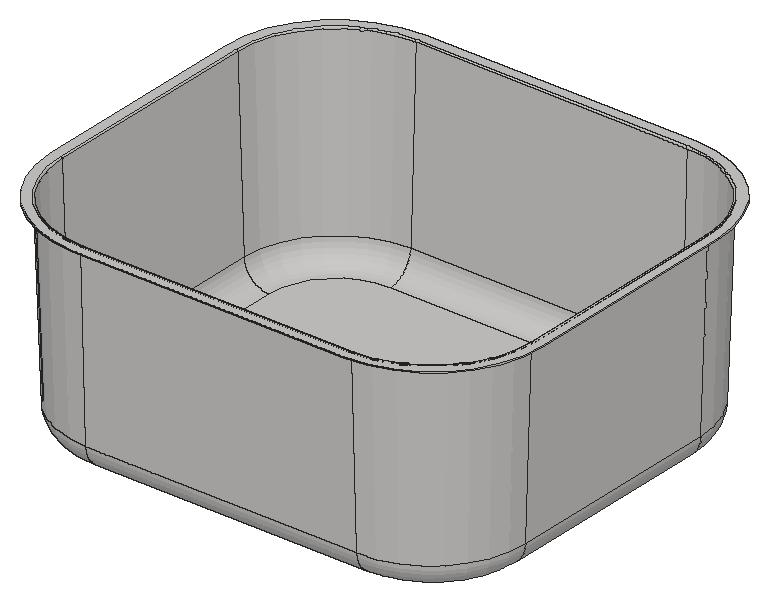
Revit family
Parameters
  Length = 472 mm  # constant formula
  Waste Connection Radius = Waste Connection Diameter / 2  # 45 mm
  Waste Connection = 1 = 1  # yes
  Vent Connection = 1 = 0  # no
  URL = "www.kwikot.com"
  Product Code = "SDI-450-SUM"
  Model = "Classique Designer Iris Series"
  Manufacturer = "Kwikot"  # constant formula
  Keynote = "22 41 16.16"
  Drain Stopper Visibility = yes
  Description = "Single Stainless Steel Undermount Sink"
  Width = 422 mm  # constant formula
  Depth = 200 mm  # constant formula
  HW Connection = 1 = 0  # no
  Family created by = "www.rbuiltcomponents.com"
  Waste Connection Diameter = 90 mm  # constant formula
  CW Connection = 1 = 0  # no
  Body Finish = Stainless_Steel-Kwikot-Satin
  Assembly Code = "D2010410"
Reference planes
  plane 1 "Bottom": z = 0
  plane 2 "Center (Left/Right)": x = 120
  plane 3 "Center (Front/Back)": y = -168
  plane 4 "Top": z = 200
  plane 5: x = 356
  plane 6: x = -116
  plane 7: x = -105
  plane 8: x = 345
  plane 9: y = 43
  plane 10: y = -379
  plane 11: y = 32
  plane 12: y = -368
  plane 13: x = 255
Forms (mm)
  Sweep 1, solid, material "Stainless_Steel-Kwikot-Satin" <- "Body Finish"
    path origin (0, 0, 200) x (-1, 0, 0) y (0, -1, 0)
      loop
        arc (10, -32) -> (77.175, -4.175) -> (105, 63) r 95
        line (105, 63) -> (105, 273)
        arc (105, 273) -> (77.175, 340.175) -> (10, 368) r 95
        line (10, 368) -> (-250, 368)
        arc (-250, 368) -> (-317.175, 340.175) -> (-345, 273) r 95
        line (-345, 273) -> (-345, 63)
        arc (-345, 63) -> (-317.175, -4.175) -> (-250, -32) r 95
        line (-250, -32) -> (10, -32)
    profile origin (120, 32, 200) x (0, 1, 0) y (0, 0, 1)
      loop
        line (-32.968, -199) -> (-32.968, -200) -> (-30.075, -200)
        arc (-30.075, -200) -> (-12.709, -192.983) -> (-5.09, -175.872) r 25
        line (-5.09, -175.872) -> (0.983, -1.965)
        arc (0.983, -1.965) -> (1.287, -1.281) -> (1.982, -1) r 1
        line (1.982, -1) -> (11, -1) -> (11, 0) -> (1.499, 0)
        arc (1.499, 0) -> (0.457, -0.421) -> (0, -1.448) r 1.5
        line (0, -1.448) -> (-6.09, -175.838)
        arc (-6.09, -175.838) -> (-13.403, -192.264) -> (-30.075, -199) r 24
        line (-30.075, -199) -> (-32.968, -199)
  Revolve 2, solid, material "Stainless_Steel-Kwikot-Satin" <- "Body Finish"
    sketch origin (135, -168, 0) x (1, 0, 0) y (0, 0, 1)
      loop
        line (75, -2.086) -> (71.405, -2.086)
        arc (71.405, -2.086) -> (70.76, -1.763) -> (70.5, -1.091) r 1
        line (70.5, -1.091) -> (70.5, 0)
        arc (70.5, 0) -> (70.207, 0.707) -> (69.5, 1) r 1
        line (69.5, 1) -> (68.5, 1) -> (68.5, 0) -> (69.5, 0) -> (69.5, -1.091)
        arc (69.5, -1.091) -> (70.039, -2.457) -> (71.366, -3.086) r 2
        line (71.366, -3.086) -> (74, -3.086) -> (74, -7) -> (75, -7) -> (75, -2.086)
      axis (120, 1) -> (120, -7)
    angle from 0 to 360
  Extrusion 3, solid, material "Stainless_Steel-Kwikot-Satin" <- "Body Finish"
    sketch origin (235, 0, 0) x (1, 0, 0) y (0, 1, 0)
      loop
        circle (20, -168) r 51.5
      loop
        arc (-307.032, -273) -> (-288.863, -316.863) -> (-245, -335.032) r 62.032
        line (-245, -335.032) -> (15, -335.032)
        arc (15, -335.032) -> (58.863, -316.863) -> (77.032, -273) r 62.032
        line (77.032, -273) -> (77.032, -63)
        arc (77.032, -63) -> (58.863, -19.137) -> (15, -0.968) r 62.032
        line (15, -0.968) -> (-245, -0.968)
        arc (-245, -0.968) -> (-288.863, -19.137) -> (-307.032, -63) r 62.032
        line (-307.032, -63) -> (-307.032, -273)
    from 1 to 0
  Revolve 4, solid, material "Stainless_Steel-Kwikot-Satin" <- "Body Finish", visible <- "Drain Stopper Visibility"
    sketch origin (135, -168, 0) x (1, 0, 0) y (0, 0, 1)
      loop
        line (120, 1.027) -> (115.956, 1.027)
        arc (115.956, 1.027) -> (114.706, -0.223) -> (115.956, -1.473) r 1.25
        line (115.956, -1.473) -> (117, -1.473) -> (117, -6.473)
        arc (117, -6.473) -> (115.828, -9.301) -> (113, -10.473) r 4
        line (113, -10.473) -> (85, -10.473)
        arc (85, -10.473) -> (81.464, -9.008) -> (80, -5.473) r 5
        line (80, -5.473) -> (80, -3.995)
        arc (80, -3.995) -> (79.962, -2.357) -> (78.55, -3.187) r 0.95
        line (78.55, -3.187) -> (78.55, -1.607)
        arc (78.55, -1.607) -> (78.257, -0.9) -> (77.55, -0.607) r 1
        line (77.55, -0.607) -> (71.55, -0.607) -> (71.55, -1.607) -> (77.55, -1.607) -> (77.55, -5.473) -> (79, -5.473)
        arc (79, -5.473) -> (80.757, -9.715) -> (85, -11.473) r 6
        line (85, -11.473) -> (120, -11.473) -> (120, 1.027)
      axis (120, 1.027) -> (120, -11.473)
    angle from 0 to 360
  Extrusion 5, void
    sketch origin (179.837, 0, 0) x (1, 0, 0) y (0, 1, 0)
      loop
        line (42.075, -166.5) -> (42.075, -169.5) -> (60.075, -169.5) -> (60.075, -166.5) -> (42.075, -166.5)
      loop
        line (108.075, -166.5) -> (90.075, -166.5) -> (90.075, -169.5) -> (108.075, -169.5) -> (108.075, -166.5)
      loop
        line (44.013, -179.243) -> (45.161, -182.014) -> (61.791, -175.126) -> (60.643, -172.354) -> (44.013, -179.243)
      loop
        line (104.989, -153.986) -> (88.359, -160.874) -> (89.507, -163.646) -> (106.137, -156.757) -> (104.989, -153.986)
      loop
        line (50.68, -190.274) -> (52.801, -192.395) -> (65.529, -179.667) -> (63.408, -177.546) -> (50.68, -190.274)
      loop
        line (97.349, -143.605) -> (84.621, -156.333) -> (86.742, -158.454) -> (99.47, -145.726) -> (97.349, -143.605)
      loop
        line (61.061, -197.914) -> (63.832, -199.062) -> (70.721, -182.432) -> (67.949, -181.284) -> (61.061, -197.914)
      loop
        line (86.318, -136.938) -> (79.43, -153.568) -> (82.201, -154.716) -> (89.09, -138.086) -> (86.318, -136.938)
      loop
        line (73.575, -201) -> (76.575, -201) -> (76.575, -183) -> (73.575, -183) -> (73.575, -201)
      loop
        line (73.575, -135) -> (73.575, -153) -> (76.575, -153) -> (76.575, -135) -> (73.575, -135)
      loop
        line (86.318, -199.062) -> (89.09, -197.914) -> (82.201, -181.284) -> (79.43, -182.432) -> (86.318, -199.062)
      loop
        line (61.061, -138.086) -> (67.949, -154.716) -> (70.721, -153.568) -> (63.832, -136.938) -> (61.061, -138.086)
      loop
        line (97.349, -192.395) -> (99.47, -190.274) -> (86.742, -177.546) -> (84.621, -179.667) -> (97.349, -192.395)
      loop
        line (50.68, -145.726) -> (63.408, -158.454) -> (65.529, -156.333) -> (52.801, -143.605) -> (50.68, -145.726)
      loop
        line (104.989, -182.014) -> (106.137, -179.243) -> (89.507, -172.354) -> (88.359, -175.126) -> (104.989, -182.014)
      loop
        line (44.013, -156.757) -> (60.643, -163.646) -> (61.791, -160.874) -> (45.161, -153.986) -> (44.013, -156.757)
    from -16.779 to 10
Cuts and joins
  Extrusion 5 cuts Revolve 4
  joined: Sweep 1, Revolve 2, Extrusion 3
Lines and regions (mm)
  Masking region 1
    outline origin (0, 0, 0) x (1, 0, 0) y (0, 1, 0)
      loop
        arc (-16, 43) -> (-86.711, 13.711) -> (-116, -57) r 100
        line (-116, -57) -> (-116, -279)
        arc (-116, -279) -> (-86.711, -349.711) -> (-16, -379) r 100
        line (-16, -379) -> (256, -379)
        arc (256, -379) -> (326.711, -349.711) -> (356, -279) r 100
        line (356, -279) -> (356, -57)
        arc (356, -57) -> (326.711, 13.711) -> (256, 43) r 100
        line (256, 43) -> (-16, 43)
  Masking region 2
    outline origin (0, -168, 0) x (1, 0, 0) y (0, 0, 1)
      loop
        line (356, 200) -> (-116, 200) -> (-116, 199) -> (-106.999, 199)
        arc (-106.999, 199) -> (-105.609, 198.439) -> (-105, 197.07) r 2
        line (-105, 197.07) -> (-101.292, 30.883)
        arc (-101.292, 30.883) -> (-91.54, 8.981) -> (-69.311, 0) r 32
        line (-69.311, 0) -> (207.734, 0) -> (211.234, -7) -> (297.77, -7) -> (301.278, 0.015) -> (308.323, 0.015)
        arc (308.323, 0.015) -> (331.182, 8.641) -> (341.292, 30.883) r 32
        line (341.292, 30.883) -> (345, 197.07)
        arc (345, 197.07) -> (345.609, 198.439) -> (346.999, 199) r 2
        line (346.999, 199) -> (356, 199) -> (356, 200)
  Masking region 3
    outline origin (120, 0, 0) x (0, 1, 0) y (0, 0, 1)
      loop
        line (43, 200) -> (-379, 200) -> (-379, 199) -> (-368.479, 199) -> (-364.703, 30.883)
        arc (-364.703, 30.883) -> (-354.952, 8.981) -> (-332.723, 0) r 32
        line (-332.723, 0) -> (-215.625, 0) -> (-212.125, -7) -> (-121.625, -7) -> (-118.125, 0) -> (-3.756, 0)
        arc (-3.756, 0) -> (18.473, 8.981) -> (28.224, 30.883) r 32
        line (28.224, 30.883) -> (32, 199) -> (43, 199) -> (43, 200)
  symbolic lines, style "Sink"
    curve 1: arc (210, -168, 0) -> (255, -123, 0) -> (300, -168, 0) r 45
    curve 2: arc (300, -168, 0) -> (255, -213, 0) -> (210, -168, 0) r 45
    curve 5: line (301.27, -168, 0) -> (207.27, -168, 0)
    curve 6: line (120, -118.125, 0) -> (120, -215.625, 0)
    curve 7: arc (-16, 32, 0) -> (-78.933, 5.933, 0) -> (-105, -57, 0) r 89
    curve 8: arc (345, -57, 0) -> (318.933, 5.933, 0) -> (256, 32, 0) r 89
    curve 9: arc (-105, -279, 0) -> (-78.933, -341.933, 0) -> (-16, -368, 0) r 89
    curve 10: arc (256, -368, 0) -> (318.933, -341.933, 0) -> (345, -279, 0) r 89
    curve 11: line (345, -57, 0) -> (345, -279, 0)
    curve 12: line (256, 32, 0) -> (-16, 32, 0)
    curve 13: line (-105, -57, 0) -> (-105, -279, 0)
    curve 14: line (-16, -368, 0) -> (256, -368, 0)
  symbolic lines, style "Sink", detail levels fine
    curve 3: arc (200, -168, 0) -> (255, -113, 0) -> (310, -168, 0) r 55
    curve 4: arc (310, -168, 0) -> (255, -223, 0) -> (200, -168, 0) r 55
Dimensions and locks
  "Depth": plane 4 "Top" to level
  equal spacing: plane 6, plane 2 "Center (Left/Right)", plane 5
  locked: plane 6 to plane 5 at 472
  equal spacing: plane 7, plane 2 "Center (Left/Right)", plane 8
  locked: plane 7 to plane 8 at 450
  equal spacing: plane 10, plane 3 "Center (Front/Back)", plane 9
  locked: plane 10 to plane 9 at 422
  equal spacing: plane 12, plane 3 "Center (Front/Back)", plane 11
  locked: plane 12 to plane 11 at 400
  locked: plane 13 to plane 8 at 90
  aligned and locked: Masking region 3 to curve 6
  aligned and locked: curve 6 to Masking region 3
  aligned and locked: plane 4 "Top" to Masking region 2 sketch curve
  aligned and locked: Masking region 3 sketch curve to plane 4 "Top"
  aligned and locked: level to Masking region 3 sketch curve  (x2)
  aligned and locked: plane 7 to Sweep 1 sketch curve
  aligned and locked: Sweep 1 sketch curve to plane 12
  aligned and locked: Sweep 1 sketch curve to plane 8
  aligned and locked: plane 9 to Masking region 1 sketch curve
  aligned and locked: plane 6 to Masking region 1 sketch curve
  aligned and locked: Masking region 1 sketch curve to plane 10
  aligned and locked: Masking region 1 sketch curve to plane 5
  aligned and locked: Extrusion 3 sketch curve to cut or joined group of Sweep 1, Revolve 2, Extrusion 3  (x4)
Automatic sketch dimensions
  plane 3 "Center (Front/Back)" to Extrusion 5 sketch curve = 1.5 mm  (x2)
  plane 3 "Center (Front/Back)" to Extrusion 5 sketch curve = 11.243 mm
  Extrusion 5 sketch curve to Extrusion 5 sketch curve = 1.938 mm  (x5)
  Extrusion 5 sketch curve to plane 3 "Center (Front/Back)" = 11.243 mm
  Extrusion 5 sketch curve to plane 3 "Center (Front/Back)" = 14.014 mm  (x2)
  Extrusion 5 sketch curve to Extrusion 5 sketch curve = 1.148 mm  (x4)
  plane 3 "Center (Front/Back)" to Extrusion 5 sketch curve = 14.014 mm  (x2)
  Extrusion 5 sketch curve to plane 3 "Center (Front/Back)" = 22.274 mm
  Extrusion 5 sketch curve to Extrusion 5 sketch curve = 5.519 mm  (x2)
  plane 3 "Center (Front/Back)" to Extrusion 5 sketch curve = 22.274 mm
  Extrusion 5 sketch curve to plane 3 "Center (Front/Back)" = 24.395 mm  (x2)
  Extrusion 5 sketch curve to Extrusion 5 sketch curve = 2.121 mm  (x4)
  plane 3 "Center (Front/Back)" to Extrusion 5 sketch curve = 24.395 mm  (x2)
  Extrusion 5 sketch curve to Extrusion 5 sketch curve = 18 mm
  Extrusion 5 sketch curve to plane 3 "Center (Front/Back)" = 4.354 mm  (x2)
  plane 3 "Center (Front/Back)" to Extrusion 5 sketch curve = 4.354 mm  (x2)
  Extrusion 5 sketch curve to plane 3 "Center (Front/Back)" = 29.914 mm
  Extrusion 5 sketch curve to Extrusion 5 sketch curve = 8.259 mm  (x2)
  plane 3 "Center (Front/Back)" to Extrusion 5 sketch curve = 29.914 mm
  plane 3 "Center (Front/Back)" to Extrusion 5 sketch curve = 9.546 mm  (x2)
  Extrusion 5 sketch curve to plane 3 "Center (Front/Back)" = 9.546 mm  (x2)
  plane 3 "Center (Front/Back)" to Extrusion 5 sketch curve = 31.062 mm  (x2)
  Extrusion 5 sketch curve to Extrusion 5 sketch curve = 2.772 mm  (x4)
  Extrusion 5 sketch curve to plane 3 "Center (Front/Back)" = 31.062 mm  (x2)
  plane 3 "Center (Front/Back)" to Extrusion 5 sketch curve = 13.284 mm  (x2)
  Extrusion 5 sketch curve to plane 3 "Center (Front/Back)" = 13.284 mm  (x2)
  Extrusion 5 sketch curve to Extrusion 5 sketch curve = 9.743 mm
  Extrusion 5 sketch curve to Extrusion 5 sketch curve = 2.854 mm  (x3)
  Extrusion 5 sketch curve to Extrusion 5 sketch curve = 3 mm  (x2)
  plane 3 "Center (Front/Back)" to Extrusion 5 sketch curve = 14.432 mm
  Extrusion 5 sketch curve to plane 3 "Center (Front/Back)" = 14.432 mm
  plane 3 "Center (Front/Back)" to Extrusion 5 sketch curve = 11.667 mm
  Extrusion 5 sketch curve to Extrusion 5 sketch curve = 2.42 mm  (x2)
  Extrusion 5 sketch curve to plane 3 "Center (Front/Back)" = 11.667 mm
  Extrusion 5 sketch curve to plane 3 "Center (Front/Back)" = 7.126 mm
  Extrusion 5 sketch curve to Extrusion 5 sketch curve = 1.617 mm  (x2)
  plane 3 "Center (Front/Back)" to Extrusion 5 sketch curve = 7.126 mm
  Extrusion 5 sketch curve to Extrusion 5 sketch curve = 0.568 mm  (x3)
  Extrusion 5 sketch curve to plane 3 "Center (Front/Back)" = 1.5 mm  (x2)
  plane 2 "Center (Left/Right)" to Extrusion 5 sketch curve = 101.912 mm
  plane 2 "Center (Left/Right)" to curve 5 = 87.27 mm
  plane 2 "Center (Left/Right)" to curve 5 = 181.27 mm
  Revolve 2 sketch curve to Revolve 2 sketch curve = 0 mm  (x3)
  Revolve 2 sketch curve to level = 0 mm  (x2)
  plane 2 "Center (Left/Right)" to Revolve 2 sketch curve = 135 mm
  Revolve 2 sketch curve to level = 7 mm
  plane 2 "Center (Left/Right)" to Revolve 2 sketch curve = 90 mm
  Revolve 2 sketch curve to Revolve 2 sketch curve = 1 mm  (x4)
  Revolve 2 sketch curve to level = 1.091 mm
  Revolve 2 sketch curve to Revolve 2 sketch curve = 2.5 mm
  Revolve 2 sketch curve to Revolve 2 sketch curve = 0.095 mm
  Revolve 2 sketch curve to Revolve 2 sketch curve = 0.039 mm
  Revolve 2 sketch curve to level = 24.058 mm
  level to Revolve 2 sketch curve = 25.942 mm
  Revolve 4 sketch curve to Revolve 4 sketch curve = 0 mm  (x5)
  plane 2 "Center (Left/Right)" to Revolve 4 sketch curve = 135 mm  (x2)
  plane 2 "Center (Left/Right)" to Revolve 4 sketch curve = 132 mm
  Revolve 4 sketch curve to level = 0.223 mm
  Revolve 4 sketch curve to Revolve 4 sketch curve = 1.044 mm
  Revolve 4 sketch curve to Revolve 4 sketch curve = 4 mm
  Revolve 4 sketch curve to level = 11.473 mm
  Revolve 4 sketch curve to Revolve 4 sketch curve = 28 mm
  Revolve 4 sketch curve to Revolve 4 sketch curve = 5 mm
  Revolve 4 sketch curve to Revolve 4 sketch curve = 0.5 mm
  Revolve 4 sketch curve to Revolve 4 sketch curve = 1 mm  (x3)
  Revolve 4 sketch curve to Revolve 4 sketch curve = 0.95 mm
  Revolve 4 sketch curve to level = 0.607 mm
  Revolve 4 sketch curve to Revolve 4 sketch curve = 6 mm
  Revolve 4 sketch curve to Revolve 4 sketch curve = 12.558 mm
  Revolve 4 sketch curve to Revolve 4 sketch curve = 1.478 mm
  Revolve 4 sketch curve to level = 1.473 mm
  Revolve 4 sketch curve to Revolve 4 sketch curve = 24.942 mm
  plane 3 "Center (Front/Back)" to curve 6 = 47.625 mm
  curve 5 to level = 0 mm
  Masking region 3 sketch curve to plane 4 "Top" = 1 mm  (x2)
  Masking region 3 sketch curve to Masking region 3 sketch curve = 31.981 mm  (x2)
  plane 3 "Center (Front/Back)" to Masking region 3 sketch curve = 47.625 mm
  Masking region 3 sketch curve to level = 7 mm
  Masking region 3 sketch curve to Masking region 3 sketch curve = 3.5 mm  (x2)
  Masking region 3 sketch curve to plane 3 "Center (Front/Back)" = 46.375 mm
  level to Masking region 3 sketch curve = 30.883 mm  (x2)
  plane 3 "Center (Front/Back)" to Extrusion 3 sketch curve = 0 mm
  plane 2 "Center (Left/Right)" to Extrusion 3 sketch curve = 135 mm
  Extrusion 3 sketch curve to Extrusion 3 sketch curve = 51.5 mm
  Masking region 3 sketch curve to Masking region 3 sketch curve = 117.098 mm
  Masking region 3 sketch curve to Masking region 3 sketch curve = 3.776 mm  (x2)
  Masking region 3 sketch curve to Masking region 3 sketch curve = 10.521 mm
  Masking region 3 sketch curve to Masking region 3 sketch curve = 114.369 mm
  Masking region 3 sketch curve to Masking region 3 sketch curve = 11 mm
  plane 3 "Center (Front/Back)" to Sweep 1 sketch curve = 105 mm  (x2)
  Sweep 1 sketch curve to plane 3 "Center (Front/Back)" = 105 mm
  plane 7 to Sweep 1 sketch curve = 95 mm
  Sweep 1 sketch curve to Sweep 1 sketch curve = 0 mm  (x2)
  Sweep 1 sketch curve to profile plane = 0 mm  (x2)
  profile plane to Sweep 1 sketch curve = 32.968 mm
  Sweep 1 sketch curve to Sweep 1 sketch curve = 2.893 mm
  profile plane to Sweep 1 sketch curve = 6.09 mm
  Sweep 1 sketch curve to Sweep 1 sketch curve = 0.999 mm
  Sweep 1 sketch curve to profile plane = 1.448 mm
  Sweep 1 sketch curve to Sweep 1 sketch curve = 0.983 mm
  Sweep 1 sketch curve to Sweep 1 sketch curve = 0.517 mm
  Sweep 1 sketch curve to Sweep 1 sketch curve = 0.483 mm
  Sweep 1 sketch curve to Sweep 1 sketch curve = 9.018 mm
  Sweep 1 sketch curve to Sweep 1 sketch curve = 0.465 mm
  Sweep 1 sketch curve to Sweep 1 sketch curve = 0.5 mm
  Sweep 1 sketch curve to profile plane = 175 mm
  Sweep 1 sketch curve to Sweep 1 sketch curve = 0.838 mm
  Sweep 1 sketch curve to Sweep 1 sketch curve = 0.035 mm
  plane 7 to Masking region 1 sketch curve = 89 mm  (x2)
  plane 13 to Masking region 1 sketch curve = 1 mm  (x2)
  Masking region 2 sketch curve to plane 6 = 0 mm
  Masking region 2 sketch curve to plane 5 = 0 mm
  Masking region 2 sketch curve to plane 4 "Top" = 1 mm  (x2)
  plane 6 to Masking region 2 sketch curve = 9.001 mm
  Masking region 2 sketch curve to Masking region 2 sketch curve = 1.999 mm  (x2)
  plane 7 to Masking region 2 sketch curve = 3.708 mm
  plane 7 to Masking region 2 sketch curve = 35.689 mm
  Masking region 2 sketch curve to level = 0 mm
  plane 2 "Center (Left/Right)" to Masking region 2 sketch curve = 87.734 mm
  Masking region 2 sketch curve to Masking region 2 sketch curve = 3.5 mm
  Masking region 2 sketch curve to level = 7 mm
  plane 2 "Center (Left/Right)" to Masking region 2 sketch curve = 177.77 mm
  level to Masking region 2 sketch curve = 0.015 mm
  Masking region 2 sketch curve to Masking region 2 sketch curve = 3.508 mm
  Masking region 2 sketch curve to plane 8 = 36.677 mm
  Masking region 2 sketch curve to plane 8 = 35.689 mm
  Masking region 2 sketch curve to plane 8 = 3.708 mm
  plane 8 to Masking region 2 sketch curve = 0 mm
  level to Masking region 2 sketch curve = 30.883 mm  (x2)
  Masking region 2 sketch curve to Masking region 2 sketch curve = 2 mm  (x2)
  curve 1 to curve 3 = 0 mm  (x2)
  curve 13 to plane 7 = 0 mm
  plane 12 to curve 14 = 0 mm
  plane 11 to curve 12 = 0 mm
  plane 3 "Center (Front/Back)" to curve 4 = 0 mm
  curve 4 to plane 13 = 0 mm
  curve 11 to plane 8 = 0 mm
  plane 7 to curve 14 = 89 mm
  plane 7 to curve 12 = 89 mm
  curve 4 to curve 1 = 55 mm
  curve 3 to curve 1 = 10 mm
  plane 13 to curve 10 = 1 mm
  plane 13 to curve 8 = 1 mm
  plane 11 to Sweep 1 sketch curve = 0 mm
